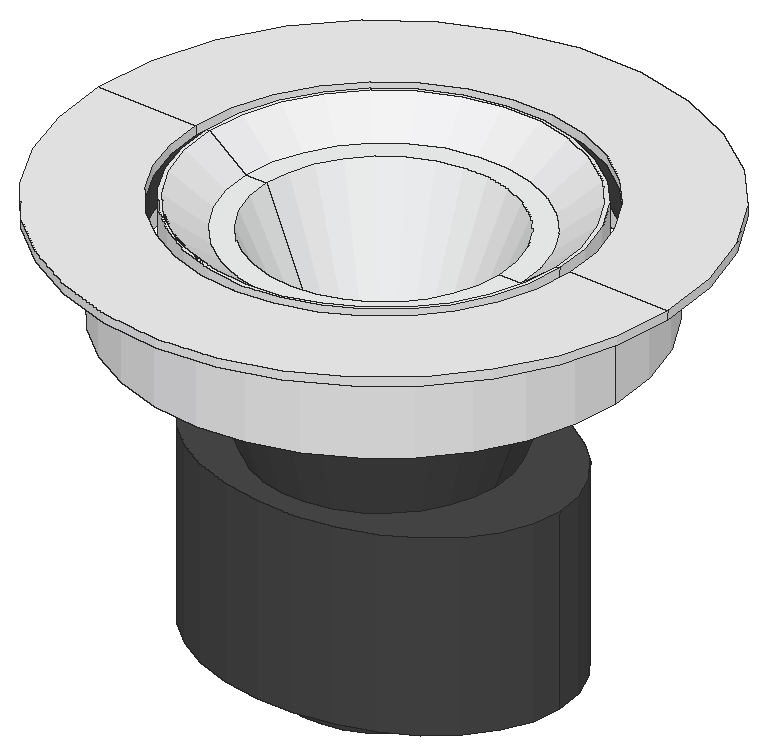
Revit family "2070026", category Lighting Fixtures, host Face, Revit 2018
Family settings
  Host = Face
  Round Connector Dimension = Use Diameter
  Part Type = Normal
  OmniClass Number = 23.80.70.11.17
  OmniClass Title = Specialized Lighting by Location or Use
  Cut with Voids When Loaded = No
  Light Source = No
  Shared = No
  Room Calculation Point = No
Parameters (values of type "EXPOSPOT 70 ADJ 90 4K WB WHT")
  Weight = 0.52 kg  # constant formula
  Total Power Consumption = 20.9996 W
  Reflector Material = Aluminum_Sylvania_Expospot_Polished
  Radius = Diameter / 2  # 68.5 mm
  Product Code = "0060248"
  Photometric Web File = IES_Expospot_70_Adjustable : 0060248
  Photobiological Risk Group = "RG1"  # constant formula
  Nominal Frequency = "50/60Hz"  # constant formula
  Mounting Outer Radius = Head Radius + 3.0 mm  # 45.5 mm
  Max. Luminaires per 20A C Breaker = "70"  # constant formula
  Max. Luminaires per 20A B Breaker = "42"  # constant formula
  Max. Luminaires per 16A C Breaker = "51"  # constant formula
  Max. Luminaires per 16A B Breaker = "31"  # constant formula
  Max. Luminaires per 13A C Breaker = "41"  # constant formula
  Max. Luminaires per 13A B Breaker = "25"  # constant formula
  Max. Luminaires per 10A C Breaker = "31"  # constant formula
  Max. Luminaires per 10A B Breaker = "19"  # constant formula
  Light Loss Factor = 1  # constant formula
  Lamp Power Factor = 0.9  # constant formula
  LOR = "100%"  # constant formula
  Keynote = ""
  Inrush Duration = "139µs"  # constant formula
  Inrush Current = 28 A  # constant formula
  Initial Intensity = 1988 lm
  Initial Color = 4000 K
  IP Rating = "IP20"  # constant formula
  IK Rating = "IK02"  # constant formula
  Height = 103.0 mm  # constant formula
  Voltage Comments = "220-240V~"  # constant formula
  Voltage = 240 V  # constant formula
  URL = "http://www.sylvania-lighting.com/product/en-int/category/interior-lighting/accent-downlights/families/expospot-led/expospot-70-adjustable"
  Product Page URL = "http://www.sylvania-lighting.com/product/en-int/products/0060248"
  Product Family = "EXPOSPOT 70 ADJUSTABLE"  # constant formula
  Head Radius = Radius - 26.0 mm  # 42.5 mm
  Head Diameter = Head Radius * 2  # 85.0 mm
  Head Angle [instance] = 0°
  Glow Wire Test = 850 °C  # constant formula
  Electrical Protection = "Class II"  # constant formula
  Drive Current = "500mA"  # constant formula
  Dimmable = "N"  # constant formula
  Diffuser Material = Acrylic_Sylvania_Expospot_4000K
  Diameter = 137.0 mm  # constant formula
  Cutout Diameter = Diameter - 11.0 mm  # 126.0 mm
  Created by URL = "http://all1studio.com/"
  Created by = "All 1 Studio Ltd. "  # constant formula
  Control Gear Type = "Electronic"  # constant formula
  Control Gear Required = "No"  # constant formula
  Control Gear Mounting = "Remote"  # constant formula
  Colour Variation Initial = "3SDCM"  # constant formula
  built-in parameter 1114216 [instance] = 1 (stored number, unit not read)
  Model = "EXPOSPOT 70 ADJ 90 4K WB WHT"
  Manufacturer = "Feilo Sylvania"  # constant formula
  Lamp = "LED"  # constant formula
  CRI = "90Ra"
  Body Material = Aluminum_Sylvania_Expospot_White
  Description = "Specifically designed for Retail and Display applications. I.e. Supermarkets Fashion Retail Department stores. Build around a 70mm reflector and lens combination."  # constant formula
  Default Elevation = 0.0 mm
  built-in parameter 1140040 [instance] = 1
  Beam Angle = 52°
  Average Life = "50 000h"  # constant formula
  Assembly Code = "D5020200"
  Apparent Load Comments = ""
  Apparent Load = 20.9996 VA
  Body Secondary Material = Plastic_Sylvania_Expospot_Black
Types (12, lengths in mm): name | Product Code | Photometric Web File | Keynote | Initial Intensity | Initial Color | URL | Product Page URL | Diffuser Material | Model | CRI | Beam Angle | Apparent Load
  EXPOSPOT 70 ADJ 90 4K WB WHT | "0060248" | IES_Expospot_70_Adjustable : 0060248 | "" | 1988 lm | 4000 K | "http://www.sylvania-lighting.com/product/en-int/category/interior-lighting/accent-downlights/families/expospot-led/expospot-70-adjustable" | "http://www.sylvania-lighting.com/product/en-int/products/0060248" | Acrylic_Sylvania_Expospot_4000K | "EXPOSPOT 70 ADJ 90 4K WB WHT" | "90Ra" | 52° | 20.9996 VA
  EXPOSPOT 70 ADJ 90 4K MB WHT | "0060247" | IES_Expospot_70_Adjustable : 0060247 | "" | 1964 lm | 4000 K | "http://www.sylvania-lighting.com/product/en-int/category/interior-lighting/accent-downlights/families/expospot-led/expospot-70-adjustable" | "http://www.sylvania-lighting.com/product/en-int/products/0060247" | Acrylic_Sylvania_Expospot_4000K | "EXPOSPOT 70 ADJ 90 4K MB WHT" | "90Ra" | 42° | 20.9996 VA
  EXPOSPOT 70 ADJ 90 4K NB WHT | "0060246" | IES_Expospot_70_Adjustable : 0060246 | "" | 1751 lm | 4000 K | "http://www.sylvania-lighting.com/product/en-int/category/interior-lighting/accent-downlights/families/expospot-led/expospot-70-adjustable" | "http://www.sylvania-lighting.com/product/en-int/products/0060246" | Acrylic_Sylvania_Expospot_4000K | "EXPOSPOT 70 ADJ 90 4K NB WHT" | "90Ra" | 24° | 20.9996 VA
  EXPOSPOT 70 ADJ 90 3K WB WHT | "0060245" | IES_Expospot_70_Adjustable : 0060245 | "" | 1815 lm | 3000 K | "http://www.sylvania-lighting.com/product/en-int/category/interior-lighting/accent-downlights/families/expospot-led/expospot-70-adjustable" | "http://www.sylvania-lighting.com/product/en-int/products/0060245" | Acrylic_Sylvania_Expospot_3000K | "EXPOSPOT 70 ADJ 90 3K WB WHT" | "90Ra" | 53° | 20.9996 VA
  EXPOSPOT 70 ADJ 90 3K MB WHT | "0060244" | IES_Expospot_70_Adjustable : 0060244 | "" | 1793 lm | 3000 K | "http://www.sylvania-lighting.com/product/en-int/category/interior-lighting/accent-downlights/families/expospot-led/expospot-70-adjustable" | "http://www.sylvania-lighting.com/product/en-int/products/0060244" | Acrylic_Sylvania_Expospot_3000K | "EXPOSPOT 70 ADJ 90 3K MB WHT" | "90Ra" | 42° | 20.9996 VA
  EXPOSPOT 70 ADJ 90 3K NB WHT | "0060243" | IES_Expospot_70_Adjustable : 0060243 | "" | 1769 lm | 3000 K | "http://www.sylvania-lighting.com/product/en-int/category/interior-lighting/accent-downlights/families/expospot-led/expospot-70-adjustable" | "http://www.sylvania-lighting.com/product/en-int/products/0060243" | Acrylic_Sylvania_Expospot_3000K | "EXPOSPOT 70 ADJ 90 3K NB WHT" | "90Ra" | 25° | 20.9996 VA
  EXPOSPOT 70 ADJ 80 4K WB WHT | "0060242" | IES_Expospot_70_Adjustable : 0060242 | "" | 1987 lm | 4000 K | "http://www.sylvania-lighting.com/product/en-int/category/interior-lighting/accent-downlights/families/expospot-led/expospot-70-adjustable" | "http://www.sylvania-lighting.com/product/en-int/products/0060242" | Acrylic_Sylvania_Expospot_4000K | "EXPOSPOT 70 ADJ 80 4K WB WHT" | "80Ra" | 54° | 20.9996 VA
  EXPOSPOT 70 ADJ 80 4K MB WHT | "0060241" | IES_Expospot_70_Adjustable : 0060241 | "" | 2224 lm | 4000 K | "http://www.sylvania-lighting.com/product/en-int/category/interior-lighting/accent-downlights/families/expospot-led/expospot-70-adjustable" | "http://www.sylvania-lighting.com/product/en-int/products/0060241" | Acrylic_Sylvania_Expospot_4000K | "EXPOSPOT 70 ADJ 80 4K MB WHT" | "80Ra" | 42° | 20.9996 VA
  EXPOSPOT 70 ADJ 80 4K NB WHT | "0060240" | IES_Expospot_70_Adjustable : 0060240 | "" | 2201 lm | 4000 K | "http://www.sylvania-lighting.com/product/en-int/category/interior-lighting/accent-downlights/families/expospot-led/expospot-70-adjustable" | "http://www.sylvania-lighting.com/product/en-int/products/0060240" | Acrylic_Sylvania_Expospot_4000K | "EXPOSPOT 70 ADJ 80 4K NB WHT" | "80Ra" | 25° | 20.9996 VA
  EXPOSPOT 70 ADJ 80 3K WB WHT | "0060239" | IES_Expospot_70_Adjustable : 0060239 | "" | 2082 lm | 3000 K | "http://www.sylvania-lighting.com/product/en-int/category/interior-lighting/accent-downlights/families/expospot-led/expospot-70-adjustable" | "http://www.sylvania-lighting.com/product/en-int/products/0060239" | Acrylic_Sylvania_Expospot_3000K | "EXPOSPOT 70 ADJ 80 3K WB WHT" | "80Ra" | 54° | 20.9996 VA
  EXPOSPOT 70 ADJ 80 3K NB WHT | "0060237" | IES_Expospot_70_Adjustable : 0060237 | "" | 2149 lm | 3000 K | "http://www.sylvania-lighting.com/product/en-int/category/interior-lighting/accent-downlights/families/expospot-led/expospot-70-adjustable" | "http://www.sylvania-lighting.com/product/en-int/products/0060237" | Acrylic_Sylvania_Expospot_3000K | "EXPOSPOT 70 ADJ 80 3K NB WHT" | "80Ra" | 43° | 20.9996 VA
  2070026 EXPOSPOT 70 ADJ RA90 4000K WB WHITE | "0060238" | IES_Expospot_70_Adjustable : 0060248 | "n/a" | 2152 lm | 3000 K | "0.9" | "http://www.sylvania-lighting.com/product/en-int/products/0060238" | Acrylic_Sylvania_Expospot_3000K | "EXPOSPOT 70 ADJUSTABLE RA90 4000K WB WHITE" | "80Ra" | 43° | 21 VA
Reference planes
  plane 1 "Center (Front/Back)": y = 0
  plane 2: z = 0
  plane 3 "Center (Left/Right)": x = -7.423
  plane 4: z = 2
  plane 5: z = -22.5
  plane 6: x = -75.923
  plane 7: z = -5
Forms (mm)
  Revolve 1, solid, material "Aluminum_Sylvania_Expospot_White" <- "Body Material", detail levels fine
    sketch origin (0, 0, 0) x (1, 0, 0) y (0, 0, 1)
      loop
        line (-75.923, 2) -> (-75.923, 0) -> (-63.423, 0) -> (-63.423, -22.5) -> (-61.423, -22.5) -> (-61.423, 0) -> (-52.423, 0) -> (-52.423, 2) -> (-75.923, 2)
      axis (-7.423, 2) -> (-7.423, -22.5)
    angle from 0 to 360
  Revolve 2, solid, material "Plastic_Sylvania_Expospot_Black" <- "Body Secondary Material", detail levels fine
    sketch origin (0, 0, 0) x (1, 0, 0) y (0, 0, 1)
      loop
        line (-61.423, 0) -> (-61.423, -1.5) -> (-54.423, -1.5) -> (-54.423, -8.5) -> (-52.923, -8.5) -> (-52.923, 0) -> (-61.423, 0)
      axis (-7.423, 0) -> (-7.423, -8.5)
    angle from 0 to 360
  Extrusion 3, void
    sketch origin (0, 0, 0) x (1, 0, 0) y (0, 1, 0)
      loop
        circle (-7.423, 0) r 63
    from -116.997 to 69.443
  Extrusion 4, solid, material "Aluminum_Sylvania_Expospot_White" <- "Body Material", detail levels fine
    sketch origin (-7.423, 0, 0) x (0, 1, 0) y (0, 0, 1)
      loop
        circle (0, -5) r 3.5
    from 42.5 <- "Head Radius" to 45.5 <- "Mounting Outer Radius"
  Extrusion 5, solid, material "Aluminum_Sylvania_Expospot_White" <- "Body Material", detail levels fine
    sketch origin (-7.423, 0, 0) x (0, 1, 0) y (0, 0, -1)
      loop
        circle (0, 5) r 3.5
    from 42.5 <- "Head Radius" to 45.5 <- "Mounting Outer Radius"
  Revolve 6, solid, material "Aluminum_Sylvania_Expospot_White" <- "Body Material", detail levels coarse+medium
    sketch origin (0, 0, 0) x (1, 0, 0) y (0, 0, 1)
      loop
        line (-75.923, 2) -> (-75.923, 0) -> (-63.423, 0) -> (-63.423, -22.5) -> (-61.423, -22.5) -> (-61.423, -8.5) -> (-52.423, -8.5) -> (-52.423, 2) -> (-75.923, 2)
      axis (-7.423, 2) -> (-7.423, -22.5)
    angle from 0 to 360
Lines and regions (mm)
  Masking region 1
    outline origin (0, 0, 0) x (1, 0, 0) y (0, 1, 0)
      loop
        circle (-7.423, 0) r 68.5
  reference lines
    curve 1: line (-7.423, 0, -5) -> (-7.423, 0, -60)
  symbolic lines, detail levels fine
    curve 2: arc (-52.423, 0, 0) -> (-7.423, 45, 0) -> (37.577, 0, 0) r 45
    curve 3: arc (37.577, 0, 0) -> (-7.423, -45, 0) -> (-52.423, 0, 0) r 45
Dimensions and locks
  plane 4 to plane 2 to plane 7 to plane 5 = 2.0 mm locked, 5.0 mm locked, 17.5 mm locked
  "Radius": plane 6 to plane 3 "Center (Left/Right)"
  "Cutout Diameter": diameter of Extrusion 3 sketch curve
  "Head Angle": angle plane 1 "Center (Front/Back)" to curve 1
  aligned and locked: host face to plane 2
  aligned and locked: host face to level
  aligned and locked: plane 6 to Revolve 1 sketch curve
  aligned and locked: Revolve 1 sketch curve to plane 3 "Center (Left/Right)"
  aligned and locked: plane 1 "Center (Front/Back)" to curve 1
  aligned and locked: plane 7 to curve 1
  aligned and locked: plane 6 to Revolve 6 sketch curve
Automatic sketch dimensions
  host sketch curve to host sketch curve = 1412.252 mm
  host sketch curve to host sketch curve = 1359.6 mm
  Revolve 1 sketch curve to level = 0.0 mm  (x2)
  Revolve 1 sketch curve to plane 5 = 0.0 mm
  Revolve 1 sketch curve to plane 4 = 0.0 mm
  Revolve 1 sketch curve to Revolve 1 sketch curve = 12.5 mm
  Revolve 1 sketch curve to Revolve 1 sketch curve = 2.0 mm
  Revolve 1 sketch curve to Revolve 1 sketch curve = 9.0 mm
  Revolve 1 sketch curve to plane 5 = 349.774 mm
  plane 4 to Revolve 1 sketch curve = 1145.706 mm
  Revolve 2 sketch curve to level = 0.0 mm
  Revolve 2 sketch curve to plane 3 "Center (Left/Right)" = 0.0 mm
  Revolve 2 sketch curve to plane 6 = 23.0 mm
  Revolve 2 sketch curve to Revolve 2 sketch curve = 1.5 mm
  Revolve 2 sketch curve to level = 1.5 mm
  Revolve 2 sketch curve to Revolve 2 sketch curve = 7.0 mm
  Revolve 2 sketch curve to plane 7 = 3.5 mm
  Revolve 2 sketch curve to plane 5 = 349.774 mm
  plane 4 to Revolve 2 sketch curve = 1145.706 mm
  plane 1 "Center (Front/Back)" to Extrusion 3 sketch curve = 0.0 mm
  Extrusion 3 sketch curve to plane 3 "Center (Left/Right)" = 0.0 mm
  Extrusion 4 sketch curve to plane 1 "Center (Front/Back)" = 0.0 mm
  Extrusion 4 sketch curve to plane 7 = 0.0 mm
  Extrusion 5 sketch curve to plane 1 "Center (Front/Back)" = 0.0 mm
  Extrusion 5 sketch curve to plane 7 = 0.0 mm
  Revolve 6 sketch curve to level = 0.0 mm
  Revolve 6 sketch curve to plane 5 = 0.0 mm
  Revolve 6 sketch curve to plane 4 = 0.0 mm
  Revolve 6 sketch curve to plane 3 "Center (Left/Right)" = 0.0 mm
  Revolve 6 sketch curve to plane 6 = 12.5 mm
  Revolve 6 sketch curve to plane 7 = 3.5 mm
  Revolve 6 sketch curve to Revolve 6 sketch curve = 9.0 mm
  Revolve 6 sketch curve to plane 5 = 349.774 mm
  plane 4 to Revolve 6 sketch curve = 1145.706 mm
  Revolve 6 sketch curve to Revolve 6 sketch curve = 2.0 mm
  Masking region 1 sketch curve to Masking region 1 sketch curve = 0.0 mm  (x2)
  plane 1 "Center (Front/Back)" to Masking region 1 sketch curve = 0.0 mm
  Masking region 1 sketch curve to plane 6 = 0.0 mm
  Masking region 1 sketch curve to plane 3 "Center (Left/Right)" = 0.0 mm
  curve 2 to curve 3 = 0.0 mm  (x2)
  plane 1 "Center (Front/Back)" to curve 2 = 0.0 mm
  curve 3 to plane 3 "Center (Left/Right)" = 0.0 mm
  curve 3 to plane 6 = 23.5 mm
  radius of Extrusion 4 sketch curve = 3.5 mm
  radius of Extrusion 5 sketch curve = 3.5 mm
Nested families
  nested 1: "Head_Expospot 70" at (-7.423, 0, 2), type "Head_Expospot 70"
  nested 2: "IES_Expospot_70_Adjustable" at (-7.423, 0, 2), type <- "Photometric Web File", type "0060248"
Connectors
  electrical at (-7.423, 0, -101), driven by "Voltage", driven by "Apparent Load", driven by "Lamp Power Factor"
    settings: on nested 1, index 1, voltage 240 V, apparent load 0 VA, apparent load phase1 20.9996 VA, apparent load phase2 0 VA, apparent load phase3 0 VA, power factor 0.9, load classification "Lighting", number of poles 1, system type 31, power factor state 1, is connector primary yes, connector utility no, sub classification motor no, connector description ""
Definition of nested family "Head_Expospot 70"
  Parameters (values of type "Head_Expospot 70")
    Reflector Material = none
    Radius = 42.5 mm
    Height = 103.0 mm
    Diffuser Material = none
    Default Elevation = 0.0 mm
    Cooling Y Axis = Radius - 10.0 mm  # 32.5 mm
    Cooling X Axis = Radius  # 42.5 mm
    Body Secondary Material = none
    Body Material = none
  Reference planes
    plane 1 "Center (Front/Back)": y = 0
    plane 2: z = 0
    plane 3 "Center (Left/Right)": x = 0
    plane 4: z = -47.5
    plane 5: z = -6.5
    plane 6 "Fixture Radius": x = -42.5
    plane 7: z = -52.5
    plane 8: z = -95
    plane 9: z = -103
    plane 10: z = -28
    plane 11 "Diffuser Radius": x = -10.5
  Forms (mm)
    Revolve 1, solid, material <- "Body Material", detail levels fine
      sketch origin (0, 0, 0) x (1, 0, 0) y (0, 0, 1)
        loop
          line (-42.5, 0) -> (-42.5, -28) -> (-40.5, -28) -> (-40.5, -3.393) -> (-36.342, -6.5) -> (-33, -6.5) -> (-41.7, 0) -> (-42.5, 0)
        axis (0, 0) -> (0, -28)
      angle from 0 to 360
    Revolve 2, solid, material <- "Reflector Material", detail levels fine
      sketch origin (0, 0, 0) x (1, 0, 0) y (0, 0, 1)
        loop
          line (-35, -6.5) -> (-35, -8.5) -> (-29.321, -8.5) -> (-12.675, -47.5) -> (-10.5, -47.5) -> (-28, -6.5) -> (-35, -6.5)
        axis (0, -6.5) -> (0, -47.5)
      angle from 0 to 360
    Revolve 3, solid, material <- "Body Secondary Material", detail levels fine
      sketch origin (0, 0, 0) x (1, 0, 0) y (0, 0, 1)
        loop
          line (-40.5, -17.5) -> (-40.5, -28) -> (-36.5, -28) -> (-27.095, -52.5) -> (0, -52.5) -> (0, -51.5) -> (-10.5, -51.5) -> (-10.5, -47.5) -> (-27.944, -47.5) -> (-35.813, -27) -> (-39.5, -27) -> (-39.5, -17.5) -> (-40.5, -17.5)
        axis (0, -17.5) -> (0, -52.5)
      angle from 0 to 360
    Revolve 4, solid, material <- "Body Secondary Material", detail levels fine
      sketch origin (0, 0, 0) x (1, 0, 0) y (0, 0, 1)
        loop
          line (-23.5, -95) -> (-23.5, -97) -> (-21.5, -103) -> (0, -103) -> (0, -95) -> (-23.5, -95)
        axis (0, -95) -> (0, -103)
      angle from 0 to 360
    Extrusion 5, solid, material <- "Body Secondary Material", detail levels fine
      sketch origin (0, 0, 0) x (1, 0, 0) y (0, 1, 0)
        loop
          spline (42.5, 0) -> (41.052, 8.412) -> (36.806, 16.25) -> (30.052, 22.981) -> (21.25, 28.146) -> (11, 31.393) -> (0, 32.5) -> (-11, 31.393) -> (-21.25, 28.146) -> (-30.052, 22.981) -> (-36.806, 16.25) -> (-41.052, 8.412) -> (-42.5, 0)
          spline (-42.5, 0) -> (-41.052, -8.412) -> (-36.806, -16.25) -> (-30.052, -22.981) -> (-21.25, -28.146) -> (-11, -31.393) -> (0, -32.5) -> (11, -31.393) -> (21.25, -28.146) -> (30.052, -22.981) -> (36.806, -16.25) -> (41.052, -8.412) -> (42.5, 0)
      from -95 to -52.5
    Extrusion 6, solid, material <- "Body Material", detail levels coarse+medium
      sketch origin (0, 0, 0) x (1, 0, 0) y (0, 1, 0)
        loop
          circle (0, 0) r 42.5
      from -103 to 0
    Revolve 7, solid, material <- "Diffuser Material", detail levels fine
      sketch origin (0, 0, 0) x (1, 0, 0) y (0, 0, 1)
        loop
          line (-10.5, -47.5) -> (-10.5, -51.5) -> (0, -51.5) -> (0, -47.5) -> (-10.5, -47.5)
        axis (0, -47.5) -> (0, -51.5)
      angle from 0 to 360
  Dimensions and locks
    "Radius": plane 3 "Center (Left/Right)" to plane 6 "Fixture Radius"
    locked: Revolve 4 sketch curve to plane 6 "Fixture Radius" at 19
    "Cooling Y Axis": plane 1 "Center (Front/Back)" to Extrusion 5 sketch curve
    "Cooling X Axis": Extrusion 5 sketch curve to plane 3 "Center (Left/Right)"
    locked: plane 11 "Diffuser Radius" to plane 6 "Fixture Radius" at 32
    plane 2 to plane 5 to plane 10 to plane 4 to plane 7 = 6.5 mm locked, 21.5 mm locked, 19.5 mm locked, 5.0 mm locked
    locked: plane 8 to plane 9 at 8
    "Height": plane 2 to plane 9
    "Radius": radius of Extrusion 6 sketch curve
    aligned and locked: level to plane 2
    aligned and locked: Revolve 1 sketch curve to plane 6 "Fixture Radius"
    aligned and locked: Extrusion 5 to plane 8
    aligned and locked: plane 7 to Extrusion 5
    aligned and locked: Extrusion 6 to plane 9
    aligned and locked: plane 2 to Extrusion 6
    aligned and locked: Revolve 1 sketch curve to plane 10
    aligned and locked: plane 11 "Diffuser Radius" to Revolve 7 sketch curve
    aligned and locked: plane 11 "Diffuser Radius" to Revolve 3 sketch curve
  Automatic sketch dimensions
    Revolve 4 sketch curve to plane 8 = 0.0 mm
    Revolve 4 sketch curve to plane 9 = 0.0 mm
    Revolve 4 sketch curve to plane 3 "Center (Left/Right)" = 0.0 mm  (x2)
    Revolve 4 sketch curve to plane 8 = 2.0 mm
    Revolve 4 sketch curve to Revolve 4 sketch curve = 2.0 mm
    Revolve 4 sketch curve to plane 9 = 265.545 mm
    level to Revolve 4 sketch curve = 2214.315 mm
    Revolve 1 sketch curve to level = 0.0 mm
    Revolve 1 sketch curve to plane 5 = 0.0 mm
    Revolve 1 sketch curve to plane 3 "Center (Left/Right)" = 0.0 mm
    Revolve 1 sketch curve to Revolve 1 sketch curve = 0.8 mm
    plane 6 "Fixture Radius" to Revolve 1 sketch curve = 2.0 mm
    plane 5 to Revolve 1 sketch curve = 3.107 mm
    Revolve 1 sketch curve to Revolve 1 sketch curve = 3.342 mm
    Revolve 1 sketch curve to Revolve 1 sketch curve = 7.5 mm
    Revolve 1 sketch curve to plane 9 = 288.545 mm
    level to Revolve 1 sketch curve = 2214.315 mm
    Revolve 7 sketch curve to plane 3 "Center (Left/Right)" = 0.0 mm  (x2)
    Revolve 7 sketch curve to plane 4 = 0.0 mm
    plane 7 to Revolve 7 sketch curve = 1.0 mm
    Revolve 3 sketch curve to plane 10 = 0.0 mm
    Revolve 3 sketch curve to plane 4 = 0.0 mm
    Revolve 3 sketch curve to plane 3 "Center (Left/Right)" = 0.0 mm  (x2)
    Revolve 3 sketch curve to plane 7 = 0.0 mm
    Revolve 3 sketch curve to Revolve 3 sketch curve = 0.848 mm
    plane 10 to Revolve 3 sketch curve = 1.0 mm
    plane 6 "Fixture Radius" to Revolve 3 sketch curve = 6.687 mm
    Revolve 3 sketch curve to Revolve 3 sketch curve = 0.687 mm
    plane 6 "Fixture Radius" to Revolve 3 sketch curve = 3.0 mm
    Revolve 3 sketch curve to Revolve 3 sketch curve = 1.0 mm
    Revolve 3 sketch curve to Revolve 3 sketch curve = 9.5 mm
    Revolve 3 sketch curve to plane 9 = 265.545 mm
    plane 7 to Revolve 3 sketch curve = 1.0 mm
    level to Revolve 3 sketch curve = 2214.315 mm
    plane 6 "Fixture Radius" to Revolve 3 sketch curve = 14.556 mm
    Revolve 7 sketch curve to plane 9 = 265.545 mm
    level to Revolve 7 sketch curve = 2214.315 mm
    Revolve 2 sketch curve to plane 5 = 0.0 mm
    plane 11 "Diffuser Radius" to Revolve 2 sketch curve = 0.0 mm
    Revolve 2 sketch curve to plane 3 "Center (Left/Right)" = 0.0 mm
    Revolve 2 sketch curve to Revolve 2 sketch curve = 7.0 mm
    Revolve 2 sketch curve to plane 9 = 288.545 mm
    level to Revolve 2 sketch curve = 2214.315 mm
    Revolve 2 sketch curve to plane 5 = 2.0 mm
    Revolve 2 sketch curve to plane 4 = 0.0 mm
    plane 11 "Diffuser Radius" to Revolve 2 sketch curve = 2.175 mm
    Revolve 2 sketch curve to Revolve 2 sketch curve = 1.321 mm
    plane 6 "Fixture Radius" to Revolve 2 sketch curve = 14.5 mm
    plane 1 "Center (Front/Back)" to Extrusion 5 sketch curve = 0.0 mm
    Extrusion 5 sketch curve to plane 3 "Center (Left/Right)" = 0.0 mm
    plane 1 "Center (Front/Back)" to Extrusion 6 sketch curve = 0.0 mm
    Extrusion 6 sketch curve to plane 3 "Center (Left/Right)" = 0.0 mm
Definition of nested family "IES_Expospot_70_Adjustable"
  Parameters (values of type "0060237")
    Wattage = 21.0007 W
    built-in parameter 1150110 = 1 (stored number, unit not read)
    Total Power Consumption = 20.9996 W
    built-in parameter 1114217 = 1 (stored number, unit not read)
    Tilt Angle = -90°
    built-in parameter 1150109 = 1 (stored number, unit not read)
    built-in parameter 1150134 = (empty or 0)
    built-in parameter 1150113 = 1 (stored number, unit not read)
    Photometric Web File = "0060237.ies"
    built-in parameter 1150105 = 171.01 (stored number, unit not read)
    Lumens = 2149 lm
    built-in parameter 1150115 = 1 (stored number, unit not read)
    built-in parameter 1150137 = (empty or 0)
    built-in parameter 1150139 = (empty or 0)
    built-in parameter 1150112 = 1 (stored number, unit not read)
    built-in parameter 1150114 = 1 (stored number, unit not read)
    built-in parameter 1150132 = 2
    built-in parameter 1150102 = (empty or 0)
    built-in parameter 1150107 = 3000 (stored number, unit not read)
    built-in parameter 1150138 = (empty or 0)
    built-in parameter 1150106 = 1.7101 (stored number, unit not read)
    Emit from Circle Diameter = 85.0 mm
    Emit Shape Visible in Rendering = no
    built-in parameter 1150104 = 9.5068 (stored number, unit not read)
    Dimming Lamp Color Temperature Shift = (empty or 0)
    Default Elevation = 0.0 mm
    Color Filter = 16777215
    built-in parameter 1114218 = 1 (stored number, unit not read)
    built-in parameter 1150133 = 10 (stored number, unit not read)
    Apparent Load = 20.9996 VA
  Types (12, lengths in mm): name | Wattage | built-in parameter 1150134 | Photometric Web File | built-in parameter 1150105 | Lumens | built-in parameter 1150107 | built-in parameter 1150106 | built-in parameter 1150104
    0060248 | 20.9996 W | 12 | "0060248.ies" | 158.2 (stored number, unit not read) | 1988 lm | 4000 (stored number, unit not read) | 1.582 (stored number, unit not read) | 8.795 (stored number, unit not read)
    0060247 | 20.9996 W | 12 | "0060247.ies" | 156.29 (stored number, unit not read) | 1964 lm | 4000 (stored number, unit not read) | 1.5629 (stored number, unit not read) | 8.6888 (stored number, unit not read)
    0060246 | 20.9996 W | 12 | "0060246.ies" | 139.34 (stored number, unit not read) | 1751 lm | 4000 (stored number, unit not read) | 1.3934 (stored number, unit not read) | 7.7465 (stored number, unit not read)
    0060245 | 20.9996 W | (empty or 0) | "0060245.ies" | 144.43 (stored number, unit not read) | 1815 lm | 3000 (stored number, unit not read) | 1.4443 (stored number, unit not read) | 8.0296 (stored number, unit not read)
    0060244 | 20.9996 W | (empty or 0) | "0060244.ies" | 142.68 (stored number, unit not read) | 1793 lm | 3000 (stored number, unit not read) | 1.4268 (stored number, unit not read) | 7.9323 (stored number, unit not read)
    0060243 | 20.9996 W | (empty or 0) | "0060243.ies" | 140.77 (stored number, unit not read) | 1769 lm | 3000 (stored number, unit not read) | 1.4077 (stored number, unit not read) | 7.8261 (stored number, unit not read)
    0060242 | 20.9996 W | 12 | "0060242.ies" | 158.12 (stored number, unit not read) | 1987 lm | 4000 (stored number, unit not read) | 1.5812 (stored number, unit not read) | 8.7906 (stored number, unit not read)
    0060241 | 20.9996 W | 12 | "0060241.ies" | 176.98 (stored number, unit not read) | 2224 lm | 4000 (stored number, unit not read) | 1.7698 (stored number, unit not read) | 9.8391 (stored number, unit not read)
    0060240 | 20.9996 W | 12 | "0060240.ies" | 175.15 (stored number, unit not read) | 2201 lm | 4000 (stored number, unit not read) | 1.7515 (stored number, unit not read) | 9.7373 (stored number, unit not read)
    0060239 | 20.9996 W | (empty or 0) | "0060239.ies" | 165.68 (stored number, unit not read) | 2082 lm | 3000 (stored number, unit not read) | 1.6568 (stored number, unit not read) | 9.2109 (stored number, unit not read)
    0060238 | 20.9996 W | (empty or 0) | "0060238.ies" | 171.25 (stored number, unit not read) | 2152 lm | 3000 (stored number, unit not read) | 1.7125 (stored number, unit not read) | 9.5206 (stored number, unit not read)
    0060237 | 21.0007 W | (empty or 0) | "0060237.ies" | 171.01 (stored number, unit not read) | 2149 lm | 3000 (stored number, unit not read) | 1.7101 (stored number, unit not read) | 9.5068 (stored number, unit not read)
  Reference planes
    plane 1 "Center (Front/Back)": y = 0
    plane 2: z = 0
    plane 3 "Center (Left/Right)": x = 0
  Dimensions and locks
    aligned and locked: level to plane 2
    aligned and locked: plane 3 "Center (Left/Right)" to imposter light
    aligned and locked: plane 1 "Center (Front/Back)" to imposter light
    aligned and locked: level to imposter light
